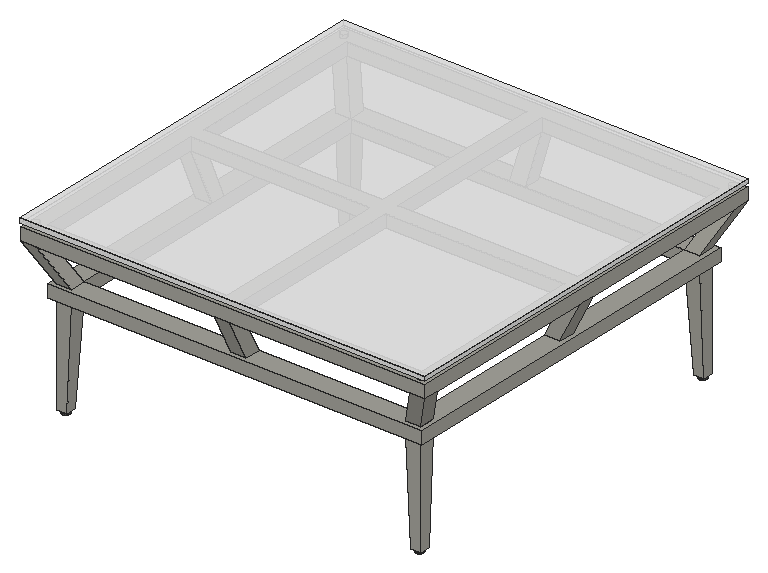
Revit family "Haworth_Janus_Slant_Table_Cocktail_Square", category Furniture, Revit 2018
Family settings
  OmniClass Number = 23.40.70.14.64.21
  OmniClass Title = Systems Furniture
  Work Plane-Based = No
  Always vertical = Yes
  Cut with Voids When Loaded = No
  Shared = No
  Room Calculation Point = No
Parameters (values of type "HCJC-SL-TOQ40-G")
  Warranty = "https://www.haworth.com/resources/product-info/warranties"
  URL - Product = "https://www.haworth.com/products/tables/outdoor/slant"
  Trim Finish [instance] = Haworth _ Paint _ Slant _ Sable
  Top Finish = Haworth _ Glass _ Frosted
  Model = "HCJC-SL-TOQ40-G"
  URL = "http://www.haworth.com/our-brands/haworth-collection"
  Size = "Verify Final Dim. w/ Haworth"  # constant formula
  Revision Number = "2"  # constant formula
  Standard Height = "17.5 in."  # constant formula
  Manufacturer = "Haworth"  # constant formula
  Description = "Haworth Janus Slant Square Cocktail Table"
  Author = "Haworth (Abd Rahman)"  # constant formula
  Assembly Code = "E2020200"
  Actual Width = 40"  # constant formula
  Actual Height = 17 1/2"  # constant formula
  Table Thickness = Actual Height - 3/8"  # 17 1/8"
  Standard Depths = "40 in."  # constant formula
  Actual Depth = Actual Width  # 40"
Reference planes (in)
  plane 1 "Center F/B": y = -0.15866
  plane 2 "Floor": z = 0
  plane 3 "Center L/R": x = 0
  plane 4 "Table Edge Left": x = -20
  plane 5 "Table Edge Right": x = 20
  plane 6 "Table Edge Back": y = -20.15866
  plane 7 "Table Edge Front": y = 19.84134
  plane 8 "Table Top Top": z = 17.5
  plane 9: z = 0
  plane 10 "Table Bottom": z = 17.00515
  plane 11: z = 16.75515
  plane 12: z = 15.50515
  plane 13: z = 11.51364
  plane 14: z = 10.26366
Forms (in)
  Extrusion 1, solid, material "Haworth _ Glass _ Frosted" <- "Top Finish"
    sketch origin (0, 0, 0) x (1, 0, 0) y (0, 1, 0)
      loop
        line (-20, 19.84134) -> (-20, -20.15866) -> (20, -20.15866) -> (20, 19.84134) -> (-20, 19.84134)
    from 17.00515 to 17.5
  Extrusion 2, solid, material "Haworth _ Paint _ Slant _ Sable" <- "Trim Finish"
    sketch origin (0, 0, 0) x (1, 0, 0) y (0, 1, 0)
      loop
        circle (19.15509, 19.06455) r 0.34129
      loop
        circle (-19.24882, 18.8891) r 0.34129
      loop
        circle (19.15509, -19.38186) r 0.34129
      loop
        circle (-19.24882, -19.20642) r 0.34129
    from 16.75515 to 17.00515
Lines and regions (in)
  Masking region 1
    outline origin (0, 0, 0) x (1, 0, 0) y (0, 1, 0)
      loop
        line (-20, 19.84134) -> (-20, -20.15866) -> (20, -20.15866) -> (20, 19.84134) -> (-20, 19.84134)
Dimensions and locks (in)
  "Actual Width": plane 4 "Table Edge Left" to plane 5 "Table Edge Right"
  equal spacing: plane 4 "Table Edge Left", plane 3 "Center L/R", plane 5 "Table Edge Right"
  "Actual Depth": plane 7 "Table Edge Front" to plane 6 "Table Edge Back"
  equal spacing: plane 7 "Table Edge Front", plane 1 "Center F/B", plane 6 "Table Edge Back"
  "Actual Height": plane 9 to plane 8 "Table Top Top"
  "Actual Height": plane 8 "Table Top Top" to plane 9
  aligned and locked: plane 8 "Table Top Top" to Extrusion 1  (x3)
  aligned and locked: Extrusion 1 to plane 10 "Table Bottom"  (x2)
  aligned and locked: plane 10 "Table Bottom" to Extrusion 2
  aligned and locked: Extrusion 2 to plane 11
  aligned and locked: Extrusion 1 sketch curve to plane 7 "Table Edge Front"
  aligned and locked: plane 4 "Table Edge Left" to Extrusion 1 sketch curve
  aligned and locked: plane 6 "Table Edge Back" to Extrusion 1 sketch curve
  aligned and locked: Extrusion 1 sketch curve to plane 5 "Table Edge Right"
  aligned and locked: Masking region 1 sketch curve to plane 7 "Table Edge Front"
Automatic sketch dimensions
  Masking region 1 sketch curve to plane 4 "Table Edge Left" = 0"
  plane 5 "Table Edge Right" to Masking region 1 sketch curve = 0"
  Masking region 1 sketch curve to plane 6 "Table Edge Back" = 0"
  plane 4 "Table Edge Left" to Extrusion 2 sketch curve = 0.75118"  (x2)
  Extrusion 2 sketch curve to plane 5 "Table Edge Right" = 0.84491"  (x2)
  plane 6 "Table Edge Back" to Extrusion 2 sketch curve = 0.95224"
  plane 6 "Table Edge Back" to Extrusion 2 sketch curve = 0.7768"
  Extrusion 2 sketch curve to plane 7 "Table Edge Front" = 0.95224"
  Extrusion 2 sketch curve to plane 7 "Table Edge Front" = 0.7768"
  radius of Extrusion 2 sketch curve = 0.34129"  (x4)
Nested families (in)
  nested 1: "Haworth_Janus_Slant_SquareCocktailTable_PART" at (0, 0, 0.00515), Frame Finish <- "Trim Finish", type "HCJC-SL-TOQ40-G - PART"
    with Frame Finish Haworth _ Paint _ Slant _ Sable
Definition of nested family "Haworth_Janus_Slant_SquareCocktailTable_PART"
  Parameters (values of type "HCJC-SL-TOQ40-G - PART")
    Warranty = "https://www.haworth.com/resources/product-info/warranties"
    URL - Product = "https://www.haworth.com/products/tables/outdoor/slant"
    Model = "HCJC-SL-TOQ40-G"
    URL = "http://www.haworth.com/our-brands/haworth-collection"
    Size = "Verify Final Dim. w/ Haworth"  # constant formula
    Revision Number = "2"  # constant formula
    Manufacturer = "Haworth"  # constant formula
    Glide Height = 45" / 128  # 45/128"
    Glide Finish = none
    Frame Finish [instance] = none
    Description = "Haworth Slant Square Cocktail Table - PART"
    Author = "Haworth (Abd Rahman)"  # constant formula
    Assembly Code = "E2020200"
    Actual Height = 17 1/2"  # constant formula
  Reference planes (in)
    plane 1 "Center F/B": y = -0.15866
    plane 2 "Floor": z = 0
    plane 3 "Center L/R": x = 0
    plane 4: z = 0
    plane 5: z = 17.5
    plane 6 "leg 1": z = 11.50849
    plane 7: z = 10.25849
    plane 8 "Glide Top": z = 0.35156
    plane 9: x = -20
    plane 10: x = 20
    plane 11: y = 19.84134
    plane 12: y = -20.15865
  Forms (in)
    Revolve 1, solid, material <- "Glide Finish"
      sketch origin (-17.47468, 25.03475, -0.29687) x (0, 1, 0) y (0, 0, 1)
        loop
          line (-7.67368, 0.64844) -> (-8.04848, 0.64844) -> (-8.04848, 0.39688)
          arc (-8.04848, 0.39688) -> (-8.01919, 0.32617) -> (-7.94848, 0.29688) r 0.1
          line (-7.94848, 0.29688) -> (-7.67368, 0.29688) -> (-7.67368, 0.64844)
        axis (-7.67368, 0.64844) -> (-7.67368, 0.29688)
      angle from 0 to 360
    Extrusion 2, solid, material <- "Frame Finish"
      sketch origin (0, 0, 0) x (1, 0, 0) y (0, 1, 0)
        loop
          line (-18.5, 18.34134) -> (-18.5, -18.65866) -> (18.5, -18.65866) -> (18.5, 18.34134) -> (-18.5, 18.34134)
        loop
          line (-16.5, 16.34134) -> (-16.5, -16.65866) -> (16.5, -16.65866) -> (16.5, 16.34134) -> (-16.5, 16.34134)
      from 10.25849 to 11.50849
    Extrusion 3, solid, material <- "Frame Finish"
      sketch origin (0, 0.00179, 0) x (1, 0, 0) y (0, 1, 0)
        loop
          line (0.75, 19.79954) -> (-0.75, 19.79954) -> (-0.75, 0.58955) -> (-19.96, 0.58955) -> (-19.96, -0.91045) -> (-0.75, -0.91045) -> (-0.75, -20.16045) -> (0.75, -20.16045) -> (0.75, -0.91045) -> (19.96, -0.91045) -> (19.96, 0.58955) -> (0.75, 0.58955) -> (0.75, 19.79954)
      from 15.5 to 16.75
    Extrusion 4, solid, material <- "Frame Finish"
      sketch origin (0, 0, 0) x (1, 0, 0) y (0, 1, 0)
        loop
          line (-20, 19.84134) -> (-20, -20.15865) -> (20, -20.15865) -> (20, 19.84134) -> (-20, 19.84134)
        loop
          line (-18.5, 18.34134) -> (-18.5, -18.65866) -> (18.5, -18.65866) -> (18.5, 18.34134) -> (-18.5, 18.34134)
      from 15.5 to 16.75
    Extrusion 5, solid, material <- "Frame Finish"
      sketch origin (0, 0, 0) x (0, 1, 0) y (0, 0, 1)
        loop
          line (17.84134, 11.50849) -> (16.34134, 11.50849) -> (16.34134, 10.25003) -> (16.84134, 0.35) -> (17.84134, 0.35) -> (17.84134, 11.50849)
      from 16.5 to 18
    Extrusion 6, void
      sketch origin (0, -0.15866, 0) x (1, 0, 0) y (0, 0, 1)
        loop
          line (17.04938, -0.27365) -> (16.5025, 10.16156) -> (14.36405, 10.16156) -> (14.36405, -0.27365) -> (17.04938, -0.27365)
      from -20 to -15.05161
    Extrusion 7, solid, material <- "Frame Finish"
      sketch origin (0, 0, 0) x (0, 1, 0) y (0, 0, -1)
        loop
          line (17.84134, -11.50849) -> (17.84134, -0.35) -> (16.84134, -0.35) -> (16.34134, -10.25003) -> (16.34134, -11.50849) -> (17.84134, -11.50849)
      from 16.5 to 18
    Extrusion 8, void
      sketch origin (0, -0.15866, 0) x (-1, 0, 0) y (0, 0, -1)
        loop
          line (17.04938, 0.27365) -> (14.36405, 0.27365) -> (14.36405, -10.16156) -> (16.5025, -10.16156) -> (17.04938, 0.27365)
      from -20 to -15.05161
    Extrusion 9, solid, material <- "Frame Finish"
      sketch origin (0, -0.31732, 0) x (0, -1, 0) y (0, 0, -1)
        loop
          line (17.84134, -11.50849) -> (17.84134, -0.35) -> (16.84134, -0.35) -> (16.34134, -10.25003) -> (16.34134, -11.50849) -> (17.84134, -11.50849)
      from 16.5 to 18
    Extrusion 10, void
      sketch origin (0, -0.15866, 0) x (1, 0, 0) y (0, 0, -1)
        loop
          line (17.04938, 0.27365) -> (14.36405, 0.27365) -> (14.36405, -10.16156) -> (16.5025, -10.16156) -> (17.04938, 0.27365)
      from -20 to -15.05161
    Extrusion 11, solid, material <- "Frame Finish"
      sketch origin (0, -0.31732, 0) x (0, -1, 0) y (0, 0, 1)
        loop
          line (17.84134, 11.50849) -> (16.34134, 11.50849) -> (16.34134, 10.25003) -> (16.84134, 0.35) -> (17.84134, 0.35) -> (17.84134, 11.50849)
      from 16.5 to 18
    Extrusion 12, void
      sketch origin (0, -0.15866, 0) x (-1, 0, 0) y (0, 0, 1)
        loop
          line (17.04938, -0.27365) -> (16.5025, 10.16156) -> (14.36405, 10.16156) -> (14.36405, -0.27365) -> (17.04938, -0.27365)
      from -20 to -15.05161
    Extrusion 13, solid, material <- "Frame Finish"
      sketch origin (0, 0, 0) x (0, 1, 0) y (0, 0, 1)
        loop
          line (18.34134, 15.5) -> (16.34558, 11.50849) -> (17.84558, 11.50849) -> (19.84134, 15.5) -> (18.34134, 15.5)
      from -0.75 to 0.75
    Extrusion 14, solid, material <- "Frame Finish"
      sketch origin (0, -0.31732, 0) x (0, -1, 0) y (0, 0, -1)
        loop
          line (18.34134, -15.5) -> (19.84134, -15.5) -> (17.84558, -11.50849) -> (16.34558, -11.50849) -> (18.34134, -15.5)
      from -0.75 to 0.75
    Extrusion 15, solid, material <- "Frame Finish"
      sketch origin (0, -0.15866, 0) x (1, 0, 0) y (0, 0, 1)
        loop
          line (16.50424, 11.50849) -> (18.00424, 11.50849) -> (20, 15.5) -> (18.5, 15.5) -> (16.50424, 11.50849)
      from -0.75 to 0.75
    Extrusion 16, solid, material <- "Frame Finish"
      sketch origin (0, -0.15866, 0) x (-1, 0, 0) y (0, 0, -1)
        loop
          line (16.50424, -11.50849) -> (18.5, -15.5) -> (20, -15.5) -> (18.00424, -11.50849) -> (16.50424, -11.50849)
      from -0.75 to 0.75
    Blend 17, solid, material <- "Frame Finish"
      base sketch origin (0, 0, 11.50849) x (0, 1, 0) y (-1, 0, 0)
        loop
          line (-18.15865, 16.5) -> (-16.65866, 16.5) -> (-16.65866, 18) -> (-18.15865, 18) -> (-18.15865, 16.5)
      top sketch origin (0, 0, 11.50849) x (0, 1, 0) y (-1, 0, 0)
        loop
          line (-20.15865, 20) -> (-20.15865, 18.5) -> (-18.65866, 18.5) -> (-18.65866, 20) -> (-20.15865, 20)
      from 0 to 3.99151
    Blend 18, solid, material <- "Frame Finish"
      base sketch origin (0, 0, 11.50849) x (0, 1, 0) y (-1, 0, 0)
        loop
          line (-18.15865, -16.5) -> (-18.15865, -18) -> (-16.65866, -18) -> (-16.65866, -16.5) -> (-18.15865, -16.5)
      top sketch origin (0, 0, 11.50849) x (0, 1, 0) y (-1, 0, 0)
        loop
          line (-20.15865, -20) -> (-18.65866, -20) -> (-18.65866, -18.5) -> (-20.15865, -18.5) -> (-20.15865, -20)
      from 0 to 3.99151
    Blend 19, solid, material <- "Frame Finish"
      base sketch origin (0, -0.31732, 11.50849) x (0, -1, 0) y (1, 0, 0)
        loop
          line (-18.15865, -16.5) -> (-18.15865, -18) -> (-16.65866, -18) -> (-16.65866, -16.5) -> (-18.15865, -16.5)
      top sketch origin (0, -0.31732, 11.50849) x (0, -1, 0) y (1, 0, 0)
        loop
          line (-20.15865, -20) -> (-18.65866, -20) -> (-18.65866, -18.5) -> (-20.15865, -18.5) -> (-20.15865, -20)
      from 0 to 3.99151
    Blend 20, solid, material <- "Frame Finish"
      base sketch origin (0, -0.31732, 11.50849) x (0, -1, 0) y (1, 0, 0)
        loop
          line (-18.15865, 16.5) -> (-16.65866, 16.5) -> (-16.65866, 18) -> (-18.15865, 18) -> (-18.15865, 16.5)
      top sketch origin (0, -0.31732, 11.50849) x (0, -1, 0) y (1, 0, 0)
        loop
          line (-20.15865, 20) -> (-20.15865, 18.5) -> (-18.65866, 18.5) -> (-18.65866, 20) -> (-20.15865, 20)
      from 0 to 3.99151
    Revolve 21, solid, material <- "Glide Finish"
      sketch origin (17.50188, 25.03475, -0.29687) x (0, 1, 0) y (0, 0, 1)
        loop
          line (-7.67368, 0.64844) -> (-8.04848, 0.64844) -> (-8.04848, 0.39688)
          arc (-8.04848, 0.39688) -> (-8.01919, 0.32617) -> (-7.94848, 0.29688) r 0.1
          line (-7.94848, 0.29688) -> (-7.67368, 0.29688) -> (-7.67368, 0.64844)
        axis (-7.67368, 0.64844) -> (-7.67368, 0.29688)
      angle from 0 to 360
    Revolve 22, solid, material <- "Glide Finish"
      sketch origin (17.50188, -9.98087, -0.29687) x (0, 1, 0) y (0, 0, 1)
        loop
          line (-7.67368, 0.64844) -> (-8.04848, 0.64844) -> (-8.04848, 0.39688)
          arc (-8.04848, 0.39688) -> (-8.01919, 0.32617) -> (-7.94848, 0.29688) r 0.1
          line (-7.94848, 0.29688) -> (-7.67368, 0.29688) -> (-7.67368, 0.64844)
        axis (-7.67368, 0.64844) -> (-7.67368, 0.29688)
      angle from 0 to 360
    Revolve 23, solid, material <- "Glide Finish"
      sketch origin (-17.47468, -9.98087, -0.29687) x (0, 1, 0) y (0, 0, 1)
        loop
          line (-7.67368, 0.64844) -> (-8.04848, 0.64844) -> (-8.04848, 0.39688)
          arc (-8.04848, 0.39688) -> (-8.01919, 0.32617) -> (-7.94848, 0.29688) r 0.1
          line (-7.94848, 0.29688) -> (-7.67368, 0.29688) -> (-7.67368, 0.64844)
        axis (-7.67368, 0.64844) -> (-7.67368, 0.29688)
      angle from 0 to 360
  Cuts and joins
    Extrusion 6, Extrusion 8, Extrusion 10 cuts Extrusion 5
    Extrusion 8, Extrusion 12 cuts Extrusion 7
    Extrusion 12 cuts Extrusion 11
    joined: Extrusion 2, Extrusion 5, Extrusion 7, Extrusion 11
    Extrusion 10 cuts Extrusion 9
    joined: Extrusion 3, Extrusion 4, Extrusion 9, Extrusion 13, Extrusion 14, Extrusion 15, Blend 17, Blend 18, Blend 20
  Lines and regions (in)
    Masking region 1
      outline origin (0, 0, 0) x (1, 0, 0) y (0, 1, 0)
        loop
          line (-20, 19.84134) -> (-20, -20.15865) -> (20, -20.15865) -> (20, 19.84134) -> (-20, 19.84134)
        loop
          line (-18.5, 18.34134) -> (-18.5, -18.65866) -> (18.5, -18.65866) -> (18.5, 18.34134) -> (-18.5, 18.34134)
    symbolic lines
      curve 1: line (-0.75, 19.84134, 0) -> (-0.75, 0.59134, 0)
      curve 2: line (-0.75, 0.59134, 0) -> (-20, 0.59134, 0)
      curve 3: line (-20, -0.90866, 0) -> (-0.75, -0.90866, 0)
      curve 4: line (-0.75, -0.90866, 0) -> (-0.75, -20.15865, 0)
      curve 5: line (0.75, -20.15865, 0) -> (0.75, -0.90866, 0)
      curve 6: line (0.75, -0.90866, 0) -> (20, -0.90866, 0)
      curve 7: line (20, 0.59134, 0) -> (0.75, 0.59134, 0)
      curve 8: line (0.75, 0.59134, 0) -> (0.75, 19.84134, 0)
  Dimensions and locks (in)
    "Glide Height": plane 8 "Glide Top" to plane 4
    "Actual Height": plane 5 to plane 4
    plane 9 to plane 10 = 40"
    plane 11 to plane 12 = 40"
    aligned and locked: plane 6 "leg 1" to Extrusion 2
    aligned and locked: Extrusion 2 to plane 7
    aligned and locked: Extrusion 4 sketch curve to plane 11
    aligned and locked: plane 12 to Extrusion 4 sketch curve
    aligned and locked: plane 10 to Extrusion 4 sketch curve
    aligned and locked: Extrusion 4 sketch curve to plane 9
  Automatic sketch dimensions
    plane 8 "Glide Top" to Revolve 1 sketch curve = 0"
    Revolve 1 sketch curve to plane 11 = 2.85506"
    level to Revolve 1 sketch curve = 0"
    Revolve 1 sketch curve to Revolve 1 sketch curve = 0.1"
    Revolve 1 sketch curve to Revolve 1 sketch curve = 0.2748"
    Revolve 1 sketch curve to Revolve 1 sketch curve = 0"
    Revolve 1 sketch curve to level = 0.00293"
    Revolve 1 sketch curve to Revolve 1 sketch curve = 0.00449"
    Extrusion 2 sketch curve to Extrusion 2 sketch curve = 2"  (x4)
    Extrusion 3 sketch curve to plane 12 = 0"
    Extrusion 3 sketch curve to plane 9 = 0.04001"
    Extrusion 3 sketch curve to plane 11 = 0.04"
    Extrusion 3 sketch curve to plane 3 "Center L/R" = 3/4"  (x2)
    plane 3 "Center L/R" to Extrusion 3 sketch curve = 3/4"  (x2)
    plane 10 to Extrusion 3 sketch curve = 0.04"
    plane 1 "Center F/B" to Extrusion 3 sketch curve = 3/4"  (x4)
    Extrusion 3 sketch curve to plane 1 "Center F/B" = 3/4"  (x4)
    Extrusion 4 sketch curve to plane 9 = 1 1/2"
    plane 10 to Extrusion 4 sketch curve = 1 1/2"
    plane 12 to Extrusion 4 sketch curve = 1 1/2"
    Extrusion 4 sketch curve to plane 11 = 1 1/2"
    Extrusion 5 sketch curve to plane 6 "leg 1" = 0"
    Extrusion 5 sketch curve to plane 11 = 3 1/2"
    Extrusion 5 sketch curve to plane 8 "Glide Top" = 0.00156"
    Extrusion 5 sketch curve to plane 11 = 3"
    Extrusion 5 sketch curve to Extrusion 5 sketch curve = 1 1/2"
    Extrusion 5 sketch curve to Extrusion 5 sketch curve = 1"
    Extrusion 5 sketch curve to plane 7 = 0.00846"
    Extrusion 6 sketch curve to level = 0.27365"
    plane 10 to Extrusion 6 sketch curve = 5.63595"
    Extrusion 6 sketch curve to plane 7 = 0.09693"
    Extrusion 6 sketch curve to Extrusion 6 sketch curve = 2.13845"
    Extrusion 6 sketch curve to Extrusion 6 sketch curve = 2.68533"
    Extrusion 7 sketch curve to plane 6 "leg 1" = 0"
    Extrusion 7 sketch curve to plane 11 = 3 1/2"
    Extrusion 7 sketch curve to plane 8 "Glide Top" = 0.00156"
    Extrusion 7 sketch curve to plane 11 = 3"
    Extrusion 7 sketch curve to Extrusion 7 sketch curve = 1 1/2"
    Extrusion 7 sketch curve to Extrusion 7 sketch curve = 1"
    Extrusion 7 sketch curve to plane 7 = 0.00846"
    level to Extrusion 8 sketch curve = 0.27365"
    plane 9 to Extrusion 8 sketch curve = 5.63595"
    plane 7 to Extrusion 8 sketch curve = 0.09693"
    Extrusion 8 sketch curve to Extrusion 8 sketch curve = 2.13845"
    Extrusion 8 sketch curve to Extrusion 8 sketch curve = 2.68533"
    Extrusion 9 sketch curve to plane 6 "leg 1" = 0"
    Extrusion 9 sketch curve to plane 12 = 3 1/2"
    plane 8 "Glide Top" to Extrusion 9 sketch curve = 0.00156"
    Extrusion 9 sketch curve to plane 12 = 3"
    Extrusion 9 sketch curve to Extrusion 9 sketch curve = 1 1/2"
    Extrusion 9 sketch curve to Extrusion 9 sketch curve = 1"
    plane 7 to Extrusion 9 sketch curve = 0.00846"
    Extrusion 10 sketch curve to level = 0.27365"
    plane 10 to Extrusion 10 sketch curve = 5.63595"
    Extrusion 10 sketch curve to plane 7 = 0.09693"
    Extrusion 10 sketch curve to Extrusion 10 sketch curve = 2.13845"
    Extrusion 10 sketch curve to Extrusion 10 sketch curve = 2.68533"
    Extrusion 11 sketch curve to plane 6 "leg 1" = 0"
    plane 12 to Extrusion 11 sketch curve = 3 1/2"
    Extrusion 11 sketch curve to plane 8 "Glide Top" = 0.00156"
    plane 12 to Extrusion 11 sketch curve = 3"
    Extrusion 11 sketch curve to Extrusion 11 sketch curve = 1 1/2"
    Extrusion 11 sketch curve to Extrusion 11 sketch curve = 1"
    Extrusion 11 sketch curve to plane 7 = 0.00846"
    Extrusion 12 sketch curve to level = 0.27365"
    Extrusion 12 sketch curve to plane 9 = 5.63595"
    Extrusion 12 sketch curve to plane 7 = 0.09693"
    Extrusion 12 sketch curve to Extrusion 12 sketch curve = 2.13845"
    Extrusion 12 sketch curve to Extrusion 12 sketch curve = 2.68533"
    Extrusion 13 sketch curve to plane 6 "leg 1" = 0"
    Extrusion 13 sketch curve to plane 11 = 0"
    Extrusion 13 sketch curve to plane 11 = 1 1/2"
    Extrusion 13 sketch curve to plane 11 = 1.99575"
    Extrusion 13 sketch curve to Extrusion 13 sketch curve = 1 1/2"
    Extrusion 13 sketch curve to plane 5 = 2"
    Extrusion 14 sketch curve to plane 6 "leg 1" = 0"
    Extrusion 14 sketch curve to plane 12 = 0"
    Extrusion 14 sketch curve to Extrusion 14 sketch curve = 1 1/2"  (x2)
    Extrusion 14 sketch curve to plane 12 = 1.99575"
    plane 5 to Extrusion 14 sketch curve = 2"
    Extrusion 15 sketch curve to plane 6 "leg 1" = 0"
    plane 10 to Extrusion 15 sketch curve = 0"
    plane 10 to Extrusion 15 sketch curve = 1 1/2"
    plane 10 to Extrusion 15 sketch curve = 1.99575"
    Extrusion 15 sketch curve to Extrusion 15 sketch curve = 1 1/2"
    Extrusion 15 sketch curve to plane 5 = 2"
    Extrusion 16 sketch curve to plane 6 "leg 1" = 0"
    plane 9 to Extrusion 16 sketch curve = 3.49576"
    Extrusion 16 sketch curve to Extrusion 16 sketch curve = 1 1/2"
    plane 9 to Extrusion 16 sketch curve = 1 1/2"
    plane 9 to Extrusion 16 sketch curve = 0"
    plane 5 to Extrusion 16 sketch curve = 2"
    plane 12 to Blend 17 sketch curve = 2"
    Blend 17 sketch curve to Blend 17 sketch curve = 1 1/2"  (x2)
    Blend 17 sketch curve to plane 9 = 3 1/2"
    Blend 17 sketch curve to plane 12 = 0"
    Blend 17 sketch curve to plane 9 = 0"
    plane 12 to Blend 17 sketch curve = 1 1/2"
    Blend 17 sketch curve to plane 9 = 1 1/2"
    Blend 18 sketch curve to plane 12 = 2"
    Blend 18 sketch curve to Blend 18 sketch curve = 1 1/2"  (x3)
    Blend 18 sketch curve to plane 10 = 3 1/2"
    Blend 18 sketch curve to plane 12 = 0"
    Blend 18 sketch curve to plane 10 = 1 1/2"
    plane 10 to Blend 18 sketch curve = 0"
    plane 11 to Blend 19 sketch curve = 2"
    Blend 19 sketch curve to Blend 19 sketch curve = 1 1/2"  (x2)
    plane 9 to Blend 19 sketch curve = 3 1/2"
    Blend 19 sketch curve to plane 11 = 0"
    Blend 19 sketch curve to plane 9 = 0"
    plane 11 to Blend 19 sketch curve = 1 1/2"
    plane 9 to Blend 19 sketch curve = 1 1/2"
    Blend 20 sketch curve to plane 11 = 2"
    Blend 20 sketch curve to Blend 20 sketch curve = 1 1/2"  (x2)
    plane 10 to Blend 20 sketch curve = 3 1/2"
    Blend 20 sketch curve to plane 11 = 0"
    Blend 20 sketch curve to plane 11 = 1 1/2"
    plane 10 to Blend 20 sketch curve = 1 1/2"
    Blend 20 sketch curve to plane 10 = 0"
    plane 8 "Glide Top" to Revolve 21 sketch curve = 0"
    Revolve 21 sketch curve to plane 11 = 2.85506"
    level to Revolve 21 sketch curve = 0"
    Revolve 21 sketch curve to Revolve 21 sketch curve = 0.1"
    Revolve 21 sketch curve to Revolve 21 sketch curve = 0.2748"
    Revolve 21 sketch curve to Revolve 21 sketch curve = 0"
    Revolve 21 sketch curve to level = 0.00293"
    Revolve 21 sketch curve to Revolve 21 sketch curve = 0.00449"
    Revolve 22 sketch curve to plane 8 "Glide Top" = 0"
    plane 12 to Revolve 22 sketch curve = 2.1293"
    level to Revolve 22 sketch curve = 0"
    Revolve 22 sketch curve to Revolve 22 sketch curve = 0.1"
    Revolve 22 sketch curve to Revolve 22 sketch curve = 0.2748"
    Revolve 22 sketch curve to Revolve 22 sketch curve = 0"
    Revolve 22 sketch curve to level = 0.00293"
    Revolve 22 sketch curve to plane 8 "Glide Top" = 0.00449"
    Revolve 23 sketch curve to plane 8 "Glide Top" = 0"
    plane 12 to Revolve 23 sketch curve = 2.1293"
    level to Revolve 23 sketch curve = 0"
    Revolve 23 sketch curve to Revolve 23 sketch curve = 0.1"
    Revolve 23 sketch curve to Revolve 23 sketch curve = 0.2748"
    Revolve 23 sketch curve to Revolve 23 sketch curve = 0"
    Revolve 23 sketch curve to level = 0.00293"
    Revolve 23 sketch curve to plane 8 "Glide Top" = 0.00449"
    curve 3 to plane 9 = 0"
    curve 4 to plane 12 = 0"
    curve 1 to plane 11 = 0"
    curve 5 to plane 12 = 0"
    curve 8 to plane 11 = 0"
    curve 6 to plane 10 = 0"
    curve 7 to plane 10 = 0"
    curve 2 to plane 3 "Center L/R" = 3/4"
    curve 3 to plane 3 "Center L/R" = 3/4"
    plane 3 "Center L/R" to curve 5 = 3/4"
    plane 3 "Center L/R" to curve 8 = 3/4"
    plane 1 "Center F/B" to curve 3 = 3/4"
    plane 1 "Center F/B" to curve 5 = 3/4"
    curve 1 to plane 1 "Center F/B" = 3/4"
    curve 8 to plane 1 "Center F/B" = 3/4"
    curve 2 to plane 9 = 0"
    Masking region 1 sketch curve to plane 9 = 0"
    Masking region 1 sketch curve to plane 10 = 0"
    Masking region 1 sketch curve to plane 12 = 0"
    Masking region 1 sketch curve to plane 11 = 0"
    Masking region 1 sketch curve to plane 9 = 1 1/2"
    plane 10 to Masking region 1 sketch curve = 1 1/2"
    plane 12 to Masking region 1 sketch curve = 1 1/2"
    Masking region 1 sketch curve to plane 11 = 1 1/2"
    Extrusion 2 sketch curve to plane 9 = 1 1/2"
    plane 10 to Extrusion 2 sketch curve = 3 1/2"
    plane 12 to Extrusion 2 sketch curve = 1 1/2"
    Extrusion 2 sketch curve to plane 11 = 3 1/2"
